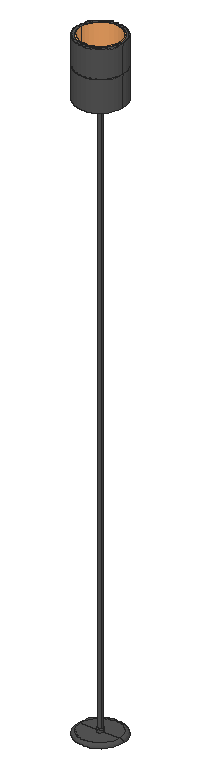
Revit family "MELO CYLINDER PENDANT LIGHT", category Lighting Fixtures, host Face, Revit 2020 (continued)
Types (16): name | Wattage_Input | Wattage Comments | Wattage | Voltage_Input | Size 08 | Size 06 | Size 04 | Selectable Wattage | Photometric Web File | Pendent Rod Length_1 | Pendent | Order number | built-in parameter 1150142 | Model | built-in parameter 1150105 | Lumens | built-in parameter 1150106 | Fixture Diameter | Canopy for Surface Mount J-box | Canopy for Recessed J-Box | Canopy Height | C2 H | C1 H | BEAMING ANGLE
      0.16     \r\n 0.16     0.16     0.16     0.18     0.21     0.23     0.24     0.24     0.24     0.24     \r\n 0.24     0.24     0.24     0.30     0.31     0.31     0.31     0.31     0.31     0.32     \r\n 0.35     0.36     0.39     0.44     0.49     0.56     0.62     0.76     0.81     0.95     \r\n 1.08     1.24     1.40     1.59     1.78     2.00     2.24     2.51     2.76     3.05     \r\n 3.34     3.65     3.97     4.29     4.61     4.95     5.29     5.61     5.94     6.26     \r\n 6.57     6.87     7.18     7.49     7.80     8.11     8.41     8.72     9.01     9.30     \r\n 9.60     9.89     10.16    10.43    10.71    10.97    11.21    11.47    11.70    11.93    \r\n 12.14    12.34    12.49    12.64    12.77    12.90    13.02    13.12    13.21    13.23    \r\n 13.15    \r\n5548.42  5541.82  5538.03  5534.73  5532.84  5531.93  5533.88  5540.03  5545.21  5548.50  \r\n 5548.95  5547.43  5536.42  5515.90  5484.00  5440.19  5380.75  5306.51  5208.97  5084.32  \r\n 4929.63  4762.12  4580.84  4383.58  4183.35  3968.86  3737.42  3499.39  3258.86  3005.97  \r\n 2753.02  2494.52  2245.12  2012.20  1786.38  1562.51  1356.55  1093.51  837.87   618.51   \r\n 444.43   347.28   250.72   210.16   183.86   164.11   148.86   136.10   125.27   111.76   \r\n 98.19    92.38    88.32    85.53    83.31    81.19    78.96    76.91    75.02    73.11    \r\n 70.80    68.05    65.42    62.72    59.92    57.13    54.35    51.59    48.81    46.05    \r\n 43.31    40.57    37.90    35.26    32.66    30.11    27.62    25.14    22.72    20.37    \r\n 18.09    15.83    13.66    11.47    9.42     7.41     5.44     3.51     1.67     0.30     \r\n 0.15     0.14     0.14     0.14     0.14     0.14     0.15     0.16     0.17     0.18     \r\n 0.18     0.18     0.19     0.20     0.21     0.21     0.22     0.23     0.24     0.25     \r\n 0.25     0.26     0.28     0.28     0.29     0.31     0.32     0.33     0.33     0.36     \r\n 0.38     0.40     0.43     0.47     0.52     0.58     0.66     0.74     0.85     0.96     \r\n 1.10     1.25     1.42     1.60     1.79     2.01     2.26     2.51     2.78     3.06     \r\n 3.35     3.66     3.97     4.29     4.61     4.94     5.27     5.61     5.93     6.25     \r\n 6.56     6.87     7.18     7.50     7.82     8.13     8.44     8.74     9.04     9.33     \r\n 9.63     9.91     10.19    10.47    10.73    10.99    11.24    11.47    11.70    11.93    \r\n 12.14    12.36    12.53    12.70    12.86    13.01    13.13    13.24    13.31    13.33    \r\n 13.15    \r\n5535.74  5530.06  5526.72  5523.87  5521.02  5522.41  5524.77  5529.49  5533.29  5535.68  \r\n 5537.58  5532.89  5521.57  5500.31  5466.75  5420.38  5358.09  5280.96  5178.32  5050.55  \r\n 4893.89  4720.98  4533.83  4336.22  4130.52  3911.12  3673.73  3432.16  3186.61  2932.11  \r\n 2679.86  2422.00  2177.25  1947.18  1724.76  1508.52  1276.09  1043.52  792.86   582.53   \r\n 420.14   310.10   244.80   207.57   182.28   163.07   148.80   134.58   123.65   109.60   \r\n 96.93    91.43    87.58    85.08    82.72    80.49    78.40    76.47    74.64    72.65    \r\n 70.23    67.53    64.90    62.17    59.40    56.66    53.83    51.07    48.30    45.56    \r\n 42.77    40.12    37.41    34.79    32.10    29.59    27.05    24.62    22.19    19.83    \r\n 17.56    15.30    13.12    10.90    8.87     6.82     4.85     2.92     0.96     0.19     \r\n 0.16     0.17     0.16     0.16     0.16     0.16     0.16     0.16     0.16     0.16     \r\n 0.16     0.16     0.16     0.17     0.18     0.21     0.22     0.22     0.22     0.22     \r\n 0.22     0.23     0.28     0.31     0.31     0.31     0.31     0.31     0.32     0.33     \r\n 0.36     0.37     0.39     0.43     0.51     0.61     0.65     0.73     0.87     0.96     \r\n 1.10     1.26     1.43     1.63     1.83     2.05     2.29     2.55     2.82     3.11     \r\n 3.41     3.72     4.03     4.35     4.68     5.00     5.35     5.66     5.98     6.32     \r\n 6.62     6.93     7.23     7.55     7.87     8.18     8.48     8.78     9.07     9.36     \r\n 9.66     9.94     10.21    10.47    10.73    10.98    11.21    11.45    11.68    11.90    \r\n 12.10    12.30    12.48    12.65    12.81    12.97    13.07    13.17    13.24    13.29    \r\n 13.15    \r\n5526.16  5520.98  5518.61  5516.22  5512.47  5512.03  5514.88  5518.23  5523.86  5525.25  \r\n 5523.31  5517.04  5500.86  5479.40  5447.52  5405.14  5347.54  5270.96  5173.46  5052.10  \r\n 4898.21  4717.50  4529.60  4327.60  4123.13  3906.22  3668.65  3427.78  3184.24  2940.53  \r\n 2683.02  2426.72  2178.44  1950.78  1731.06  1514.76  1316.43  1061.47  808.87   596.95   \r\n 428.43   336.66   245.43   207.27   181.87   162.39   147.21   134.68   124.23   111.04   \r\n 97.62    91.93    87.93    85.18    82.92    80.63    78.44    76.62    74.83    72.88    \r\n 70.47    67.77    65.14    62.46    59.68    56.90    54.11    51.35    48.59    45.81    \r\n 43.07    40.33    37.60    34.93    32.28    29.69    27.18    24.66    22.21    19.81    \r\n 17.49    15.20    12.98    10.81    8.71     6.67     4.70     2.75     0.93     0.15     \r\n 0.14     0.14     0.14     0.15     0.15     0.15     0.17     0.17     0.17     0.18     \r\n 0.18     0.19     0.20     0.20     0.21     0.21     0.23     0.24     0.23     0.25     \r\n 0.25     0.27     0.27     0.28     0.29     0.30     0.32     0.34     0.35     0.36     \r\n 0.39     0.41     0.43     0.48     0.55     0.59     0.67     0.77     0.87     1.00     \r\n 1.12     1.28     1.45     1.64     1.84     2.07     2.30     2.56     2.83     3.12     \r\n 3.41     3.72     4.03     4.35     4.68     5.01     5.35     5.67     5.99     6.32     \r\n 6.61     6.92     7.23     7.53     7.85     8.16     8.48     8.79     9.10     9.40     \r\n 9.68     9.97     10.23    10.49    10.75    10.99    11.23    11.46    11.68    11.89    \r\n 12.09    12.29    12.47    12.62    12.76    12.91    13.04    13.14    13.21    13.28    \r\n 13.15    \r\n5514.87  5511.55  5511.05  5508.23  5505.38  5504.89  5506.30  5510.07  5513.86  5513.42  \r\n 5511.07  5498.83  5478.51  5451.54  5414.17  5364.48  5302.63  5221.75  5120.48  4995.07  \r\n 4841.72  4656.62  4460.44  4257.11  4053.25  3838.57  3606.86  3365.80  3121.66  2867.17  \r\n 2618.21  2362.26  2118.94  1892.17  1674.48  1459.22  1233.57  1007.84  766.20   566.52   \r\n 407.96   301.11   238.08   202.36   178.46   159.92   145.97   132.04   121.78   108.58   \r\n 96.50    91.18    87.22    84.63    82.31    80.17    78.16    76.37    74.58    72.53    \r\n 70.01    67.28    64.66    61.96    59.20    56.46    53.65    50.91    48.12    45.39    \r\n 42.58    39.92    37.19    34.56    31.82    29.28    26.67    24.21    21.74    19.34    \r\n 17.03    14.74    12.56    10.33    8.28     6.23     4.23     2.31     0.50     0.18     \r\n 0.16     0.15     0.15     0.15     0.15     0.15     0.15     0.15     0.15     0.15     \r\n 0.15     0.15     0.17     0.19     0.22     0.21     0.22     0.22     0.22     0.22     \r\n 0.22     0.23     0.24     0.28     0.31     0.31     0.31     0.31     0.31     0.33     \r\n 0.37     0.37     0.44     0.45     0.51     0.60     0.66     0.76     0.88     0.99     \r\n 1.13     1.30     1.47     1.65     1.86     2.09     2.35     2.60     2.87     3.16     \r\n 3.46     3.77     4.09     4.41     4.75     5.07     5.43     5.73     6.05     6.37     \r\n 6.67     6.98     7.30     7.59     7.89     8.19     8.50     8.80     9.10     9.39     \r\n 9.70     9.98     10.24    10.50    10.75    11.00    11.23    11.47    11.69    11.88    \r\n 12.08    12.25    12.41    12.55    12.69    12.82    12.93    13.06    13.14    13.19    \r\n 13.15    \r\n5505.34  5503.00  5503.93  5503.44  5501.55  5500.17  5501.62  5505.88  5509.13  5506.24  \r\n 5499.54  5486.64  5464.76  5436.18  5396.20  5342.94  5276.37  5193.64  5091.90  4967.78  \r\n 4819.09  4642.50  4444.74  4241.84  4040.23  3827.63  3598.05  3358.58  3115.90  2873.09  \r\n 2620.60  2367.91  2123.73  1898.19  1681.28  1465.76  1273.51  1028.93  786.00   581.41   \r\n 417.86   328.62   239.93   203.57   179.16   160.54   145.72   133.32   123.19   110.49   \r\n 97.20    91.54    87.53    84.82    82.62    80.48    78.50    76.66    74.77    72.82    \r\n 70.31    67.58    64.98    62.29    59.53    56.76    53.99    51.22    48.45    45.68    \r\n 42.94    40.21    37.49    34.82    32.15    29.53    26.97    24.41    21.93    19.52    \r\n 17.19    14.89    12.68    10.47    8.38     6.35     4.34     2.39     0.63     0.17     \r\n 0.14     0.14     0.14     0.15     0.15     0.16     0.16     0.16     0.16     0.17     \r\n 0.19     0.19     0.19     0.20     0.21     0.21     0.22     0.23     0.23     0.25     \r\n 0.26     0.26     0.27     0.28     0.29     0.30     0.32     0.33     0.34     0.36     \r\n 0.39     0.41     0.44     0.48     0.54     0.61     0.69     0.79     0.89     1.01     \r\n 1.15     1.31     1.49     1.68     1.88     2.11     2.36     2.61     2.88     3.17     \r\n 3.47     3.78     4.09     4.41     4.75     5.08     5.41     5.74     6.06     6.39     \r\n 6.68     7.00     7.31     7.62     7.93     8.23     8.53     8.84     9.13     9.41     \r\n 9.71     10.00    10.27    10.53    10.78    11.04    11.28    11.51    11.74    11.94    \r\n 12.13    12.31    12.47    12.60    12.72    12.84    12.96    13.05    13.14    13.19    \r\n 13.15    \r\n5494.95  5495.40  5499.64  5497.32  5495.89  5496.35  5499.17  5502.96  5502.99  5496.88  \r\n 5485.55  5467.59  5439.23  5399.97  5352.15  5293.45  5218.86  5126.11  5020.51  4893.18  \r\n 4741.69  4565.07  4364.73  4162.77  3958.92  3744.24  3512.07  3274.76  3033.01  2780.41  \r\n 2538.05  2284.04  2048.72  1825.78  1612.82  1403.24  1182.53  961.72   724.96   530.58   \r\n 380.94   283.01   227.97   195.79   173.76   156.62   143.45   130.32   120.06   106.74   \r\n 95.51    90.36    86.74    84.31    82.16    80.08    78.12    76.31    74.43    72.35    \r\n 69.69    67.00    64.39    61.68    58.91    56.16    53.35    50.61    47.82    45.08    \r\n 42.31    39.67    36.95    34.35    31.64    29.12    26.56    24.09    21.61    19.21    \r\n 16.89    14.62    12.42    10.19    8.12     6.07     4.06     2.10     0.40     0.18     \r\n 0.15     0.15     0.15     0.15     0.15     0.15     0.15     0.15     0.15     0.15     \r\n 0.16     0.16     0.17     0.19     0.19     0.20     0.21     0.22     0.22     0.22     \r\n 0.22     0.23     0.24     0.25     0.28     0.29     0.29     0.29     0.31     0.34     \r\n 0.36     0.38     0.45     0.46     0.52     0.59     0.68     0.78     0.89     1.02     \r\n 1.17     1.34     1.51     1.70     1.92     2.15     2.40     2.66     2.95     3.23     \r\n 3.53     3.85     4.17     4.48     4.81     5.14     5.47     5.81     6.11     6.43     \r\n 6.73     7.04     7.35     7.66     7.97     8.28     8.59     8.90     9.18     9.48     \r\n 9.78     10.07    10.31    10.56    10.81    11.06    11.30    11.54    11.76    11.96    \r\n 12.17    12.33    12.46    12.60    12.71    12.84    12.91    13.00    13.07    13.13    \r\n 13.15    \r\n5484.53  5486.47  5492.09  5492.07  5490.67  5491.18  5494.02  5496.33  5494.39  5487.19  \r\n 5471.44  5446.23  5412.92  5368.73  5315.97  5251.80  5173.90  5083.61  4976.71  4851.19  \r\n 4703.48  4530.20  4335.75  4134.72  3932.61  3718.17  3490.95  3253.88  3015.12  2776.19  \r\n 2523.97  2273.04  2031.22  1812.30  1599.24  1391.41  1194.86  944.64   714.10   520.98   \r\n 371.68   295.54   219.87   189.06   168.58   152.35   139.26   128.60   118.88   106.14   \r\n 95.22    90.21    86.71    84.32    82.25    80.11    78.17    76.36    74.46    72.40    \r\n 69.77    67.10    64.50    61.81    59.04    56.26    53.47    50.71    47.95    45.19    \r\n 42.45    39.72    37.03    34.40    31.78    29.22    26.71    24.24    21.82    19.46    \r\n 17.15    14.88    12.69    10.51    8.42     6.37     4.34     2.36     0.56     0.14     \r\n 0.14     0.14     0.14     0.15     0.16     0.17     0.17     0.17     0.18     0.19     \r\n 0.19     0.19     0.20     0.20     0.21     0.21     0.23     0.23     0.24     0.25     \r\n 0.26     0.27     0.28     0.28     0.29     0.31     0.32     0.33     0.35     0.36     \r\n 0.38     0.41     0.44     0.50     0.55     0.62     0.71     0.80     0.92     1.04     \r\n 1.19     1.36     1.53     1.72     1.94     2.17     2.42     2.68     2.95     3.25     \r\n 3.54     3.86     4.16     4.48     4.81     5.13     5.46     5.78     6.10     6.42     \r\n 6.71     7.02     7.32     7.63     7.94     8.25     8.55     8.85     9.14     9.44     \r\n 9.72     10.00    10.27    10.53    10.79    11.03    11.28    11.50    11.73    11.93    \r\n 12.14    12.33    12.50    12.64    12.76    12.88    12.98    13.07    13.13    13.16    \r\n 13.15    \r\n5477.39  5480.22  5486.35  5488.28  5486.42  5485.93  5487.34  5488.29  5481.72  5468.04  \r\n 5448.65  5418.87  5383.83  5339.34  5289.13  5225.23  5150.61  5061.62  4956.05  4828.25  \r\n 4680.98  4515.68  4322.01  4120.58  3919.09  3708.66  3478.87  3245.33  3008.31  2757.65  \r\n 2511.07  2253.26  2013.68  1791.64  1582.46  1384.79  1187.22  941.67   711.05   521.98   \r\n 374.33   275.81   220.61   189.29   168.55   152.85   138.80   128.87   119.42   106.59   \r\n 95.16    90.19    86.76    84.54    82.45    80.25    78.19    76.34    74.54    72.46    \r\n 69.83    67.17    64.56    61.88    59.13    56.37    53.57    50.81    48.04    45.28    \r\n 42.47    39.78    37.03    34.43    31.72    29.20    26.69    24.33    21.94    19.58    \r\n 17.31    15.06    12.90    10.68    8.63     6.56     4.45     2.37     0.50     0.17     \r\n 0.17     0.16     0.16     0.16     0.16     0.16     0.16     0.16     0.16     0.16     \r\n 0.18     0.18     0.18     0.19     0.19     0.21     0.22     0.22     0.22     0.22     \r\n 0.22     0.22     0.24     0.25     0.28     0.29     0.29     0.29     0.31     0.34     \r\n 0.36     0.37     0.44     0.45     0.51     0.58     0.67     0.76     0.88     1.02     \r\n 1.17     1.32     1.50     1.70     1.92     2.15     2.40     2.66     2.93     3.23     \r\n 3.53     3.84     4.15     4.47     4.80     5.13     5.45     5.77     6.09     6.40     \r\n 6.68     6.99     7.28     7.59     7.89     8.19     8.49     8.80     9.08     9.36     \r\n 9.64     9.92     10.19    10.44    10.68    10.94    11.18    11.41    11.63    11.84    \r\n 12.02    12.21    12.39    12.53    12.67    12.78    12.89    12.98    13.05    13.08    \r\n 13.15    \r\n5468.43  5472.27  5479.79  5481.66  5481.19  5481.19  5481.66  5481.09  5472.97  5457.27  \r\n 5436.34  5408.80  5376.95  5337.50  5289.53  5233.89  5164.52  5082.74  4981.52  4862.19  \r\n 4724.03  4567.35  4389.29  4186.39  3984.76  3771.77  3548.30  3310.74  3070.70  2830.52  \r\n 2578.78  2325.38  2075.83  1853.57  1643.62  1435.91  1249.85  1016.83  777.97   573.96   \r\n 411.91   320.69   230.04   193.78   170.57   153.91   141.31   130.95   122.09   110.42   \r\n 97.30    91.46    87.61    84.92    82.90    80.79    78.63    76.75    74.90    72.98    \r\n 70.63    67.93    65.35    62.64    59.86    57.06    54.25    51.46    48.66    45.87    \r\n 43.11    40.36    37.62    34.96    32.32    29.75    27.24    24.75    22.34    19.99    \r\n 17.74    15.55    13.41    11.28    9.21     7.11     4.91     2.74     0.87     0.15     \r\n 0.14     0.14     0.15     0.15     0.15     0.15     0.17     0.17     0.18     0.18     \r\n 0.19     0.20     0.20     0.21     0.22     0.22     0.22     0.23     0.24     0.25     \r\n 0.26     0.27     0.28     0.28     0.29     0.30     0.32     0.33     0.34     0.35     \r\n 0.38     0.40     0.43     0.48     0.53     0.60     0.68     0.77     0.88     1.00     \r\n 1.15     1.30     1.47     1.66     1.86     2.09     2.33     2.59     2.87     3.15     \r\n 3.44     3.75     4.06     4.37     4.70     5.04     5.36     5.68     5.99     6.32     \r\n 6.61     6.92     7.22     7.52     7.83     8.12     8.42     8.71     9.00     9.29     \r\n 9.58     9.86     10.13    10.38    10.63    10.87    11.11    11.33    11.54    11.74    \r\n 11.94    12.14    12.32    12.48    12.62    12.76    12.87    12.96    13.03    13.08    \r\n 13.15    \r\n5461.25  5465.04  5471.66  5474.53  5474.08  5472.67  5473.13  547
